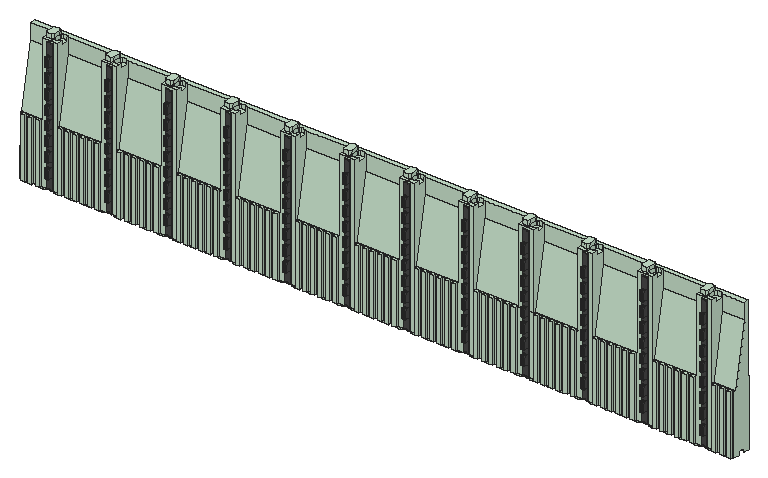
Revit family (continued)
Forms (mm)
  Extrusion 61, solid, material "NUDURA Expanded Polystyrene Foam Insulation"
    sketch origin (0, 0, 0) x (0, 1, 0) y (0, 0, 1)
      loop
        line (142.875, 0) -> (142.875, 457.2) -> (127, 457.2) -> (127, 404.586) -> (88.9, 203.2) -> (82.55, 203.2) -> (82.55, 0) -> (142.875, 0)
    from 0 to 2438.4
  Extrusion 62, solid, material "NUDURA Expanded Polystyrene Foam Insulation"
    sketch origin (0, 0, 0) x (0, 1, 0) y (0, 0, 1)
      loop
        line (127, 457.2) -> (82.55, 457.2) -> (82.55, 203.2) -> (88.9, 203.2) -> (127, 404.586) -> (127, 457.2)
    from 76.2 to 127
  Extrusion 63, solid, material "NUDURA Expanded Polystyrene Foam Insulation"
    sketch origin (0, 0, 0) x (0, 1, 0) y (0, 0, 1)
      loop
        line (127, 457.2) -> (82.55, 457.2) -> (82.55, 203.2) -> (88.9, 203.2) -> (127, 404.586) -> (127, 457.2)
    from 279.4 to 330.2
  Extrusion 64, solid, material "NUDURA Expanded Polystyrene Foam Insulation"
    sketch origin (0, 0, 0) x (0, 1, 0) y (0, 0, 1)
      loop
        line (127, 457.2) -> (82.55, 457.2) -> (82.55, 203.2) -> (88.9, 203.2) -> (127, 404.586) -> (127, 457.2)
    from 482.6 to 533.4
  Extrusion 65, solid, material "NUDURA Expanded Polystyrene Foam Insulation"
    sketch origin (0, 0, 0) x (0, 1, 0) y (0, 0, 1)
      loop
        line (127, 457.2) -> (82.55, 457.2) -> (82.55, 203.2) -> (88.9, 203.2) -> (127, 404.586) -> (127, 457.2)
    from 685.8 to 736.6
  Extrusion 66, solid, material "NUDURA Expanded Polystyrene Foam Insulation"
    sketch origin (0, 0, 0) x (0, 1, 0) y (0, 0, 1)
      loop
        line (127, 457.2) -> (82.55, 457.2) -> (82.55, 203.2) -> (88.9, 203.2) -> (127, 404.586) -> (127, 457.2)
    from 889 to 939.8
  Extrusion 67, solid, material "NUDURA Expanded Polystyrene Foam Insulation"
    sketch origin (0, 0, 0) x (0, 1, 0) y (0, 0, 1)
      loop
        line (127, 457.2) -> (82.55, 457.2) -> (82.55, 203.2) -> (88.9, 203.2) -> (127, 404.586) -> (127, 457.2)
    from 1092.2 to 1143
  Extrusion 68, solid, material "NUDURA Expanded Polystyrene Foam Insulation"
    sketch origin (0, 0, 0) x (0, 1, 0) y (0, 0, 1)
      loop
        line (127, 457.2) -> (82.55, 457.2) -> (82.55, 203.2) -> (88.9, 203.2) -> (127, 404.586) -> (127, 457.2)
    from 1295.4 to 1346.2
  Extrusion 69, solid, material "NUDURA Expanded Polystyrene Foam Insulation"
    sketch origin (0, 0, 0) x (0, 1, 0) y (0, 0, 1)
      loop
        line (127, 457.2) -> (82.55, 457.2) -> (82.55, 203.2) -> (88.9, 203.2) -> (127, 404.586) -> (127, 457.2)
    from 1498.6 to 1549.4
  Extrusion 70, solid, material "NUDURA Expanded Polystyrene Foam Insulation"
    sketch origin (0, 0, 0) x (0, 1, 0) y (0, 0, 1)
      loop
        line (127, 457.2) -> (82.55, 457.2) -> (82.55, 203.2) -> (88.9, 203.2) -> (127, 404.586) -> (127, 457.2)
    from 1701.8 to 1752.6
  Extrusion 71, solid, material "NUDURA Expanded Polystyrene Foam Insulation"
    sketch origin (0, 0, 0) x (0, 1, 0) y (0, 0, 1)
      loop
        line (127, 457.2) -> (82.55, 457.2) -> (82.55, 203.2) -> (88.9, 203.2) -> (127, 404.586) -> (127, 457.2)
    from 1701.8 to 1752.6
  Extrusion 72, solid, material "NUDURA Expanded Polystyrene Foam Insulation"
    sketch origin (0, 0, 0) x (0, 1, 0) y (0, 0, 1)
      loop
        line (127, 457.2) -> (82.55, 457.2) -> (82.55, 203.2) -> (88.9, 203.2) -> (127, 404.586) -> (127, 457.2)
    from 1905 to 1955.8
  Extrusion 73, solid, material "NUDURA Expanded Polystyrene Foam Insulation"
    sketch origin (0, 0, 0) x (0, 1, 0) y (0, 0, 1)
      loop
        line (127, 457.2) -> (82.55, 457.2) -> (82.55, 203.2) -> (88.9, 203.2) -> (127, 404.586) -> (127, 457.2)
    from 2108.2 to 2159
  Extrusion 74, solid, material "NUDURA Expanded Polystyrene Foam Insulation"
    sketch origin (0, 0, 0) x (0, 1, 0) y (0, 0, 1)
      loop
        line (127, 457.2) -> (82.55, 457.2) -> (82.55, 203.2) -> (88.9, 203.2) -> (127, 404.586) -> (127, 457.2)
    from 2311.4 to 2362.2
  Extrusion 75, solid, material "NUDURA Expanded Polystyrene Foam Insulation"
    sketch origin (0, 0, 0) x (1, 0, 0) y (0, 1, 0)
      loop
        line (7.142, 82.55) -> (5.558, 76.2) -> (19.842, 76.2) -> (18.258, 82.55) -> (7.142, 82.55)
      loop
        line (32.542, 82.55) -> (30.958, 76.2) -> (45.242, 76.2) -> (43.658, 82.55) -> (32.542, 82.55)
      loop
        line (57.942, 82.55) -> (56.358, 76.2) -> (70.642, 76.2) -> (69.058, 82.55) -> (57.942, 82.55)
      loop
        line (134.142, 82.55) -> (132.558, 76.2) -> (146.842, 76.2) -> (145.258, 82.55) -> (134.142, 82.55)
      loop
        line (159.542, 82.55) -> (157.958, 76.2) -> (172.242, 76.2) -> (170.658, 82.55) -> (159.542, 82.55)
      loop
        line (184.942, 82.55) -> (183.358, 76.2) -> (197.642, 76.2) -> (196.058, 82.55) -> (184.942, 82.55)
      loop
        line (210.342, 82.55) -> (208.758, 76.2) -> (223.042, 76.2) -> (221.458, 82.55) -> (210.342, 82.55)
      loop
        line (235.742, 82.55) -> (234.158, 76.2) -> (248.442, 76.2) -> (246.858, 82.55) -> (235.742, 82.55)
      loop
        line (261.142, 82.55) -> (259.558, 76.2) -> (273.842, 76.2) -> (272.258, 82.55) -> (261.142, 82.55)
      loop
        line (337.342, 82.55) -> (335.758, 76.2) -> (350.042, 76.2) -> (348.458, 82.55) -> (337.342, 82.55)
      loop
        line (362.742, 82.55) -> (361.158, 76.2) -> (375.442, 76.2) -> (373.858, 82.55) -> (362.742, 82.55)
      loop
        line (388.142, 82.55) -> (386.558, 76.2) -> (400.842, 76.2) -> (399.258, 82.55) -> (388.142, 82.55)
      loop
        line (413.542, 82.55) -> (411.958, 76.2) -> (426.242, 76.2) -> (424.658, 82.55) -> (413.542, 82.55)
      loop
        line (438.942, 82.55) -> (437.358, 76.2) -> (451.642, 76.2) -> (450.058, 82.55) -> (438.942, 82.55)
      loop
        line (464.342, 82.55) -> (462.758, 76.2) -> (477.042, 76.2) -> (475.458, 82.55) -> (464.342, 82.55)
      loop
        line (540.542, 82.55) -> (538.958, 76.2) -> (553.242, 76.2) -> (551.658, 82.55) -> (540.542, 82.55)
      loop
        line (565.942, 82.55) -> (564.358, 76.2) -> (578.642, 76.2) -> (577.058, 82.55) -> (565.942, 82.55)
      loop
        line (591.342, 82.55) -> (589.758, 76.2) -> (604.042, 76.2) -> (602.458, 82.55) -> (591.342, 82.55)
      loop
        line (616.742, 82.55) -> (615.158, 76.2) -> (629.442, 76.2) -> (627.858, 82.55) -> (616.742, 82.55)
      loop
        line (642.142, 82.55) -> (640.558, 76.2) -> (654.842, 76.2) -> (653.258, 82.55) -> (642.142, 82.55)
      loop
        line (667.542, 82.55) -> (665.958, 76.2) -> (680.242, 76.2) -> (678.658, 82.55) -> (667.542, 82.55)
      loop
        line (743.742, 82.55) -> (742.158, 76.2) -> (756.442, 76.2) -> (754.858, 82.55) -> (743.742, 82.55)
      loop
        line (769.142, 82.55) -> (767.558, 76.2) -> (781.842, 76.2) -> (780.258, 82.55) -> (769.142, 82.55)
      loop
        line (794.542, 82.55) -> (792.958, 76.2) -> (807.242, 76.2) -> (805.658, 82.55) -> (794.542, 82.55)
      loop
        line (819.942, 82.55) -> (818.358, 76.2) -> (832.642, 76.2) -> (831.058, 82.55) -> (819.942, 82.55)
      loop
        line (845.342, 82.55) -> (843.758, 76.2) -> (858.042, 76.2) -> (856.458, 82.55) -> (845.342, 82.55)
      loop
        line (870.742, 82.55) -> (869.158, 76.2) -> (883.442, 76.2) -> (881.858, 82.55) -> (870.742, 82.55)
      loop
        line (946.942, 82.55) -> (945.358, 76.2) -> (959.642, 76.2) -> (958.058, 82.55) -> (946.942, 82.55)
      loop
        line (972.342, 82.55) -> (970.758, 76.2) -> (985.042, 76.2) -> (983.458, 82.55) -> (972.342, 82.55)
      loop
        line (997.742, 82.55) -> (996.158, 76.2) -> (1010.442, 76.2) -> (1008.858, 82.55) -> (997.742, 82.55)
      loop
        line (1023.142, 82.55) -> (1021.558, 76.2) -> (1035.842, 76.2) -> (1034.258, 82.55) -> (1023.142, 82.55)
      loop
        line (1048.542, 82.55) -> (1046.958, 76.2) -> (1061.242, 76.2) -> (1059.658, 82.55) -> (1048.542, 82.55)
      loop
        line (1073.942, 82.55) -> (1072.358, 76.2) -> (1086.642, 76.2) -> (1085.058, 82.55) -> (1073.942, 82.55)
      loop
        line (1150.142, 82.55) -> (1148.558, 76.2) -> (1162.842, 76.2) -> (1161.258, 82.55) -> (1150.142, 82.55)
      loop
        line (1175.542, 82.55) -> (1173.958, 76.2) -> (1188.242, 76.2) -> (1186.658, 82.55) -> (1175.542, 82.55)
      loop
        line (1200.942, 82.55) -> (1199.358, 76.2) -> (1213.642, 76.2) -> (1212.058, 82.55) -> (1200.942, 82.55)
      loop
        line (1226.342, 82.55) -> (1224.758, 76.2) -> (1239.042, 76.2) -> (1237.458, 82.55) -> (1226.342, 82.55)
      loop
        line (1251.742, 82.55) -> (1250.158, 76.2) -> (1264.442, 76.2) -> (1262.858, 82.55) -> (1251.742, 82.55)
      loop
        line (1277.142, 82.55) -> (1275.558, 76.2) -> (1289.842, 76.2) -> (1288.258, 82.55) -> (1277.142, 82.55)
      loop
        line (1353.342, 82.55) -> (1351.758, 76.2) -> (1366.042, 76.2) -> (1364.458, 82.55) -> (1353.342, 82.55)
      loop
        line (1378.742, 82.55) -> (1377.158, 76.2) -> (1391.442, 76.2) -> (1389.858, 82.55) -> (1378.742, 82.55)
      loop
        line (1404.142, 82.55) -> (1402.558, 76.2) -> (1416.842, 76.2) -> (1415.258, 82.55) -> (1404.142, 82.55)
      loop
        line (1429.542, 82.55) -> (1427.958, 76.2) -> (1442.242, 76.2) -> (1440.658, 82.55) -> (1429.542, 82.55)
      loop
        line (1454.942, 82.55) -> (1453.358, 76.2) -> (1467.642, 76.2) -> (1466.058, 82.55) -> (1454.942, 82.55)
      loop
        line (1480.342, 82.55) -> (1478.758, 76.2) -> (1493.042, 76.2) -> (1491.458, 82.55) -> (1480.342, 82.55)
      loop
        line (1556.542, 82.55) -> (1554.958, 76.2) -> (1569.242, 76.2) -> (1567.658, 82.55) -> (1556.542, 82.55)
      loop
        line (1581.942, 82.55) -> (1580.358, 76.2) -> (1594.642, 76.2) -> (1593.058, 82.55) -> (1581.942, 82.55)
      loop
        line (1607.342, 82.55) -> (1605.758, 76.2) -> (1620.042, 76.2) -> (1618.458, 82.55) -> (1607.342, 82.55)
      loop
        line (1632.742, 82.55) -> (1631.158, 76.2) -> (1645.442, 76.2) -> (1643.858, 82.55) -> (1632.742, 82.55)
      loop
        line (1658.142, 82.55) -> (1656.558, 76.2) -> (1670.842, 76.2) -> (1669.258, 82.55) -> (1658.142, 82.55)
      loop
        line (1683.542, 82.55) -> (1681.958, 76.2) -> (1696.242, 76.2) -> (1694.658, 82.55) -> (1683.542, 82.55)
      loop
        line (1759.742, 82.55) -> (1758.158, 76.2) -> (1772.442, 76.2) -> (1770.858, 82.55) -> (1759.742, 82.55)
      loop
        line (1785.142, 82.55) -> (1783.558, 76.2) -> (1797.842, 76.2) -> (1796.258, 82.55) -> (1785.142, 82.55)
      loop
        line (1810.542, 82.55) -> (1808.958, 76.2) -> (1823.242, 76.2) -> (1821.658, 82.55) -> (1810.542, 82.55)
      loop
        line (1835.942, 82.55) -> (1834.358, 76.2) -> (1848.642, 76.2) -> (1847.058, 82.55) -> (1835.942, 82.55)
      loop
        line (1861.342, 82.55) -> (1859.758, 76.2) -> (1874.042, 76.2) -> (1872.458, 82.55) -> (1861.342, 82.55)
      loop
        line (1886.742, 82.55) -> (1885.158, 76.2) -> (1899.442, 76.2) -> (1897.858, 82.55) -> (1886.742, 82.55)
      loop
        line (1962.942, 82.55) -> (1961.358, 76.2) -> (1975.642, 76.2) -> (1974.058, 82.55) -> (1962.942, 82.55)
      loop
        line (1988.342, 82.55) -> (1986.758, 76.2) -> (2001.042, 76.2) -> (1999.458, 82.55) -> (1988.342, 82.55)
      loop
        line (2013.742, 82.55) -> (2012.158, 76.2) -> (2026.442, 76.2) -> (2024.858, 82.55) -> (2013.742, 82.55)
      loop
        line (2039.142, 82.55) -> (2037.558, 76.2) -> (2051.842, 76.2) -> (2050.258, 82.55) -> (2039.142, 82.55)
      loop
        line (2064.542, 82.55) -> (2062.958, 76.2) -> (2077.242, 76.2) -> (2075.658, 82.55) -> (2064.542, 82.55)
      loop
        line (2089.942, 82.55) -> (2088.358, 76.2) -> (2102.642, 76.2) -> (2101.058, 82.55) -> (2089.942, 82.55)
      loop
        line (2166.142, 82.55) -> (2164.558, 76.2) -> (2178.842, 76.2) -> (2177.258, 82.55) -> (2166.142, 82.55)
      loop
        line (2191.542, 82.55) -> (2189.958, 76.2) -> (2204.242, 76.2) -> (2202.658, 82.55) -> (2191.542, 82.55)
      loop
        line (2216.942, 82.55) -> (2215.358, 76.2) -> (2229.642, 76.2) -> (2228.058, 82.55) -> (2216.942, 82.55)
      loop
        line (2242.342, 82.55) -> (2240.758, 76.2) -> (2255.042, 76.2) -> (2253.458, 82.55) -> (2242.342, 82.55)
      loop
        line (2267.742, 82.55) -> (2266.158, 76.2) -> (2280.442, 76.2) -> (2278.858, 82.55) -> (2267.742, 82.55)
      loop
        line (2293.142, 82.55) -> (2291.558, 76.2) -> (2305.842, 76.2) -> (2304.258, 82.55) -> (2293.142, 82.55)
      loop
        line (2369.342, 82.55) -> (2367.758, 76.2) -> (2382.042, 76.2) -> (2380.458, 82.55) -> (2369.342, 82.55)
      loop
        line (2394.742, 82.55) -> (2393.158, 76.2) -> (2407.442, 76.2) -> (2405.858, 82.55) -> (2394.742, 82.55)
      loop
        line (2420.142, 82.55) -> (2418.558, 76.2) -> (2432.842, 76.2) -> (2431.258, 82.55) -> (2420.142, 82.55)
    from 0 to 203.2
Cuts and joins
  Extrusion 1, Extrusion 2, Extrusion 3, Extrusion 4, Extrusion 5, Extrusion 6, Extrusion 7, Extrusion 8, Extrusion 9, Extrusion 10, Extrusion 11, Extrusion 12, Extrusion 13, Extrusion 14, Extrusion 15, Extrusion 16, Extrusion 17, Extrusion 18, Extrusion 19, Extrusion 20, Extrusion 21, Extrusion 22, Extrusion 23, Extrusion 24, Extrusion 25, Extrusion 26, Extrusion 27, Extrusion 28, Extrusion 29, Extrusion 30, Extrusion 31, Extrusion 32, Extrusion 33, Extrusion 34, Extrusion 35, Extrusion 36, Extrusion 37, Extrusion 38, Extrusion 39, Extrusion 40, Extrusion 41, Extrusion 42, Extrusion 43, Extrusion 44, Extrusion 45, Extrusion 46, Extrusion 47, Extrusion 48, Extrusion 49, Extrusion 50, Extrusion 51, Extrusion 52, Extrusion 53, Extrusion 54, Extrusion 55, Extrusion 56, Extrusion 57, Extrusion 58, Extrusion 59, Extrusion 60 cuts Extrusion 61
  Extrusion 12 cuts Extrusion 62
  Extrusion 11 cuts Extrusion 63
  Extrusion 10 cuts Extrusion 64
  Extrusion 9 cuts Extrusion 65
  Extrusion 8 cuts Extrusion 66
  Extrusion 7 cuts Extrusion 67
  Extrusion 6 cuts Extrusion 68
  Extrusion 5 cuts Extrusion 69
  Extrusion 4 cuts Extrusion 71
  Extrusion 3 cuts Extrusion 72
  Extrusion 2 cuts Extrusion 73
  Extrusion 1 cuts Extrusion 74
  joined: Extrusion 61, Extrusion 62, Extrusion 63, Extrusion 64, Extrusion 65, Extrusion 66, Extrusion 67, Extrusion 68, Extrusion 69, Extrusion 71, Extrusion 72, Extrusion 73, Extrusion 74, Extrusion 75
  Extrusion 4 cuts Extrusion 70
Lines and regions (mm)
  model lines
    curve 1: line (2235.2, 142.875, 457.2) -> (2235.2, 142.875, 0)
    curve 2: line (1625.6, 142.875, 457.2) -> (1625.6, 142.875, 0)
    curve 3: line (1016, 142.875, 457.2) -> (1016, 142.875, 0)
    curve 4: line (406.4, 142.875, 457.2) -> (406.4, 142.875, 0)
Dimensions and locks
  aligned and locked: level to plane 2
Nested families
  nested 1: "NUDURA Diamond Pattern" at (0, 0, 0), type "NUDURA Diamond Pattern"
  nested 2: "NUDURA Diamond Pattern" at (406.4, 0, 0), type "NUDURA Diamond Pattern"
  nested 3: "NUDURA Diamond Pattern" at (609.6, 0, 0), type "NUDURA Diamond Pattern"
  nested 4: "NUDURA Diamond Pattern" at (1016, 0, 0), type "NUDURA Diamond Pattern"
  nested 5: "NUDURA Diamond Pattern" at (1219.2, 0, 0), type "NUDURA Diamond Pattern"
  nested 6: "NUDURA Diamond Pattern" at (1625.6, 0, 0), type "NUDURA Diamond Pattern"
  nested 7: "NUDURA Diamond Pattern" at (1828.8, 0, 0), type "NUDURA Diamond Pattern"
  nested 8: "NUDURA Diamond Pattern" at (2235.2, 0, 0), type "NUDURA Diamond Pattern"
  nested 9: "Interlock Tooth" at (76.2, 225.425, 0), type "Interlock Tooth"
  nested 10: "Interlock Tooth" at (279.4, 225.425, 0), type "Interlock Tooth"
  nested 11: "Interlock Tooth" at (482.6, 225.425, 0), type "Interlock Tooth"
  nested 12: "Interlock Tooth" at (685.8, 225.425, 0), type "Interlock Tooth"
  nested 13: "Interlock Tooth" at (889, 225.425, 0), type "Interlock Tooth"
  nested 14: "Interlock Tooth" at (1092.2, 225.425, 0), type "Interlock Tooth"
  nested 15: "Interlock Tooth" at (1295.4, 225.425, 0), type "Interlock Tooth"
  nested 16: "Interlock Tooth" at (1498.6, 225.425, 0), type "Interlock Tooth"
  nested 17: "Interlock Tooth" at (1701.8, 225.425, 0), type "Interlock Tooth"
  nested 18: "Interlock Tooth" at (1905, 225.425, 0), type "Interlock Tooth"
  nested 19: "Interlock Tooth" at (2108.2, 225.425, 0), type "Interlock Tooth"
  nested 20: "Interlock Tooth" at (2311.4, 225.425, 0), type "Interlock Tooth"
  nested 21: "Interlock Tooth" at (0, 0, -469.9), type "Interlock Tooth"
  nested 22: "Interlock Tooth" at (50.8, 0, -469.9), type "Interlock Tooth"
  nested 23: "Interlock Tooth" at (101.6, 0, -469.9), type "Interlock Tooth"
  nested 24: "Interlock Tooth" at (152.4, 0, -469.9), type "Interlock Tooth"
  nested 25: "Interlock Tooth" at (203.2, 0, -469.9), type "Interlock Tooth"
  nested 26: "Interlock Tooth" at (254, 0, -469.9), type "Interlock Tooth"
  nested 27: "Interlock Tooth" at (304.8, 0, -469.9), type "Interlock Tooth"
  nested 28: "Interlock Tooth" at (355.6, 0, -469.9), type "Interlock Tooth"
  nested 29: "Interlock Tooth" at (406.4, 0, -469.9), type "Interlock Tooth"
  nested 30: "Interlock Tooth" at (457.2, 0, -469.9), type "Interlock Tooth"
  nested 31: "Interlock Tooth" at (508, 0, -469.9), type "Interlock Tooth"
  nested 32: "Interlock Tooth" at (558.8, 0, -469.9), type "Interlock Tooth"
  nested 33: "Interlock Tooth" at (609.6, 0, -469.9), type "Interlock Tooth"
  nested 34: "Interlock Tooth" at (660.4, 0, -469.9), type "Interlock Tooth"
  nested 35: "Interlock Tooth" at (711.2, 0, -469.9), type "Interlock Tooth"
  nested 36: "Interlock Tooth" at (762, 0, -469.9), type "Interlock Tooth"
  nested 37: "Interlock Tooth" at (812.8, 0, -469.9), type "Interlock Tooth"
  nested 38: "Interlock Tooth" at (863.6, 0, -469.9), type "Interlock Tooth"
  nested 39: "Interlock Tooth" at (914.4, 0, -469.9), type "Interlock Tooth"
  nested 40: "Interlock Tooth" at (965.2, 0, -469.9), type "Interlock Tooth"
  nested 41: "Interlock Tooth" at (1016, 0, -469.9), type "Interlock Tooth"
  nested 42: "Interlock Tooth" at (1066.8, 0, -469.9), type "Interlock Tooth"
  nested 43: "Interlock Tooth" at (1117.6, 0, -469.9), type "Interlock Tooth"
  nested 44: "Interlock Tooth" at (1168.4, 0, -469.9), type "Interlock Tooth"
  nested 45: "Interlock Tooth" at (1219.2, 0, -469.9), type "Interlock Tooth"
  nested 46: "Interlock Tooth" at (1270, 0, -469.9), type "Interlock Tooth"
  nested 47: "Interlock Tooth" at (1320.8, 0, -469.9), type "Interlock Tooth"
  nested 48: "Interlock Tooth" at (1371.6, 0, -469.9), type "Interlock Tooth"
  nested 49: "Interlock Tooth" at (1422.4, 0, -469.9), type "Interlock Tooth"
  nested 50: "Interlock Tooth" at (1473.2, 0, -469.9), type "Interlock Tooth"
  nested 51: "Interlock Tooth" at (1524, 0, -469.9), type "Interlock Tooth"
  nested 52: "Interlock Tooth" at (1574.8, 0, -469.9), type "Interlock Tooth"
  nested 53: "Interlock Tooth" at (1625.6, 0, -469.9), type "Interlock Tooth"
  nested 54: "Interlock Tooth" at (1676.4, 0, -469.9), type "Interlock Tooth"
  nested 55: "Interlock Tooth" at (1727.2, 0, -469.9), type "Interlock Tooth"
  nested 56: "Interlock Tooth" at (1778, 0, -469.9), type "Interlock Tooth"
  nested 57: "Interlock Tooth" at (1828.8, 0, -469.9), type "Interlock Tooth"
  nested 58: "Interlock Tooth" at (1879.6, 0, -469.9), type "Interlock Tooth"
  nested 59: "Interlock Tooth" at (1930.4, 0, -469.9), type "Interlock Tooth"
  nested 60: "Interlock Tooth" at (1981.2, 0, -469.9), type "Interlock Tooth"
  nested 61: "Interlock Tooth" at (2032, 0, -469.9), type "Interlock Tooth"
  nested 62: "Interlock Tooth" at (2082.8, 0, -469.9), type "Interlock Tooth"
  nested 63: "Interlock Tooth" at (2133.6, 0, -469.9), type "Interlock Tooth"
  nested 64: "Interlock Tooth" at (2184.4, 0, -469.9), type "Interlock Tooth"
  nested 65: "Interlock Tooth" at (2235.2, 0, -469.9), type "Interlock Tooth"
  nested 66: "Interlock Tooth" at (2286, 0, -469.9), type "Interlock Tooth"
  nested 67: "Interlock Tooth" at (2336.8, 0, -469.9), type "Interlock Tooth"
  nested 68: "Interlock Tooth" at (2387.6, 0, -469.9), type "Interlock Tooth"
  nested 69: "NUDURA Logo Diamond" at (2438.335, 142.875, 0) x (-1, 0, 0) z (0, 0, 1), type "NUDURA Logo Diamond"
  nested 70: "NUDURA Logo Diamond" at (1828.735, 142.875, 0) x (-1, 0, 0) z (0, 0, 1), type "NUDURA Logo Diamond"
  nested 71: "NUDURA Logo Diamond" at (1219.135, 142.875, 0) x (-1, 0, 0) z (0, 0, 1), type "NUDURA Logo Diamond"
  nested 72: "NUDURA Logo Diamond" at (609.535, 142.875, 0) x (-1, 0, 0) z (0, 0, 1), type "NUDURA Logo Diamond"
  nested 73: "Capture Lugs" at (2336.8, 0, 0) x (-1, 0, 0) z (0, 0, 1), type "Capture Lugs"
  nested 74: "Capture Lugs" at (2133.6, 0, 0) x (-1, 0, 0) z (0, 0, 1), type "Capture Lugs"
  nested 75: "Capture Lugs" at (1930.4, 0, 0) x (-1, 0, 0) z (0, 0, 1), type "Capture Lugs"
  nested 76: "Capture Lugs" at (1727.2, 0, 0) x (-1, 0, 0) z (0, 0, 1), type "Capture Lugs"
  nested 77: "Capture Lugs" at (1524, 0, 0) x (-1, 0, 0) z (0, 0, 1), type "Capture Lugs"
  nested 78: "Capture Lugs" at (1320.8, 0, 0) x (-1, 0, 0) z (0, 0, 1), type "Capture Lugs"
  nested 79: "Capture Lugs" at (1117.6, 0, 0) x (-1, 0, 0) z (0, 0, 1), type "Capture Lugs"
  nested 80: "Capture Lugs" at (914.4, 0, 0) x (-1, 0, 0) z (0, 0, 1), type "Capture Lugs"
  nested 81: "Capture Lugs" at (711.2, 0, 0) x (-1, 0, 0) z (0, 0, 1), type "Capture Lugs"
  nested 82: "Capture Lugs" at (508, 0, 0) x (-1, 0, 0) z (0, 0, 1), type "Capture Lugs"
  nested 83: "Capture Lugs" at (304.8, 0, 0) x (-1, 0, 0) z (0, 0, 1), type "Capture Lugs"
  nested 84: "Capture Lugs" at (101.6, 0, 0) x (-1, 0, 0) z (0, 0, 1), type "Capture Lugs"
Definition of nested family "Interlock Tooth"
  Reference planes
    plane 1 "Center (Front/Back)": y = 0
    plane 2: z = 0
    plane 3 "Center (Left/Right)": x = 0
    plane 4: z = 457.2
    plane 5: z = 469.9
    plane 6: z = -12.7
  Forms (mm)
    Extrusion 1, solid, material "NUDURA Expanded Polystyrene Foam Insulation"
      sketch origin (0, -225.425, 0) x (1, 0, 0) y (0, 1, 0)
        loop
          arc (0, 101.014) -> (1.215, 97.278) -> (4.396, 94.972) r 6.35
          arc (4.396, 94.972) -> (12.7, 93.663) -> (21.004, 94.972) r 26.988
          arc (21.004, 94.972) -> (24.185, 97.278) -> (25.4, 101.014) r 6.35
          line (25.4, 101.014) -> (25.4, 124.411)
          arc (25.4, 124.411) -> (24.185, 128.147) -> (21.004, 130.453) r 6.35
          arc (21.004, 130.453) -> (12.7, 131.763) -> (4.396, 130.453) r 26.987
          arc (4.396, 130.453) -> (1.215, 128.147) -> (0, 124.411) r 6.35
          line (0, 124.411) -> (0, 101.014)
      from 457.2 to 469.9
  Dimensions and locks
    locked: plane 4 to level at 457.2
    locked: plane 4 to plane 5 at 12.7
    locked: plane 6 to level at 12.7
Definition of nested family "Capture Lugs"
  Reference planes
    plane 1 "Center (Front/Back)": y = 0
    plane 2: z = 0
    plane 3 "Center (Left/Right)": x = 0
  Forms (mm)
    Extrusion 1, solid, material "High Density Polystyrene"
      sketch origin (0, 0, 0) x (0, 1, 0) y (0, 0, 1)
        loop
          arc (-82.55, 0) -> (-81.817, 0.502) -> (-81.534, 1.344) r 1.397
          line (-81.534, 1.344) -> (-81.534, 449.4)
          arc (-81.534, 449.4) -> (-81.817, 450.243) -> (-82.55, 450.744) r 1.397
          line (-82.55, 450.744) -> (-82.55, 0)
      from 9.227 to -9.227
    Extrusion 2, solid, material "High Density Polystyrene"
      sketch origin (0, 0, 0) x (0, 1, 0) y (0, 0, 1)
        loop
          line (-81.534, 410.919) -> (-81.534, 380.439) -> (-68.834, 380.439) -> (-68.834, 410.919) -> (-81.534, 410.919)
        loop
          line (-81.534, 361.389) -> (-81.534, 330.909) -> (-68.834, 330.909) -> (-68.834, 361.389) -> (-81.534, 361.389)
        loop
          line (-81.534, 311.859) -> (-81.534, 281.379) -> (-68.834, 281.379) -> (-68.834, 311.859) -> (-81.534, 311.859)
        loop
          line (-81.534, 262.329) -> (-81.534, 234.897) -> (-68.834, 234.897) -> (-68.834, 262.329) -> (-81.534, 262.329)
        loop
          line (-81.534, 215.847) -> (-81.534, 188.415) -> (-68.834, 188.415) -> (-68.834, 215.847) -> (-81.534, 215.847)
        loop
          line (-81.534, 169.365) -> (-81.534, 138.885) -> (-68.834, 138.885) -> (-68.834, 169.365) -> (-81.534, 169.365)
        loop
          line (-81.534, 119.835) -> (-81.534, 89.355) -> (-68.834, 89.355) -> (-68.834, 119.835) -> (-81.534, 119.835)
        loop
          line (-81.534, 70.305) -> (-81.534, 39.825) -> (-68.834, 39.825) -> (-68.834, 70.305) -> (-81.534, 70.305)
      from 6.35 to -6.35
    Extrusion 3, void
      sketch origin (0, 0, 0) x (1, 0, 0) y (0, 1, 0)
        loop
          arc (-6.35, -70.929) -> (-5.736, -69.448) -> (-4.255, -68.834) r 2.095
          line (-4.255, -68.834) -> (-6.35, -68.834) -> (-6.35, -70.929)
      from 0 to 457.2
    Extrusion 4, void
      sketch origin (0, 0, 0) x (-1, 0, 0) y (0, -1, 0)
        loop
          line (-6.35, 70.929) -> (-6.35, 68.834) -> (-4.255, 68.834)
          arc (-4.255, 68.834) -> (-5.736, 69.448) -> (-6.35, 70.929) r 2.095
      from 0 to 457.2
    Extrusion 5, void
      sketch origin (0, 0, 0) x (1, 0, 0) y (0, 1, 0)
        loop
          arc (-1.191, -72.009) -> (0, -78.127) -> (1.191, -72.009) r 3.175
          line (1.191, -72.009) -> (1.191, -68.834) -> (-1.191, -68.834) -> (-1.191, -72.009)
      from 0 to 457.2
  Cuts and joins
    Extrusion 3, Extrusion 4 cuts Extrusion 1
    Extrusion 3, Extrusion 4, Extrusion 5 cuts Extrusion 2
Definition of nested family "NUDURA Diamond Pattern"
  Reference planes
    plane 1 "Center (Front/Back)": y = 0
    plane 2: z = 0
    plane 3 "Center (Left/Right)": x = 0
    plane 4: z = 457.2
  Lines and regions (mm)
    model lines
      curve 1: line (203.2, -142.875, 457.2) -> (203.2, -142.875, 0)
      curve 2: line (152.4, -142.875, 457.2) -> (152.4, -142.875, 0)
      curve 3: line (50.8, -142.875, 457.2) -> (50.8, -142.875, 0)
      curve 4: line (85.183, -142.875, 431.415) -> (93.906, -142.875, 422.692)
      curve 5: arc (85.183, -142.875, 444.885) -> (82.394, -142.875, 438.15) -> (85.183, -142.875, 431.415) r 9.525
      curve 6: line (94.708, -142.875, 454.41) -> (85.183, -142.875, 444.885)
      curve 7: arc (108.179, -142.875, 454.41) -> (101.444, -142.875, 457.2) -> (94.708, -142.875, 454.41) r 9.525
      curve 8: line (117.704, -142.875, 444.885) -> (108.179, -142.875, 454.41)
      curve 9: arc (117.704, -142.875, 431.415) -> (120.494, -142.875, 438.15) -> (117.704, -142.875, 444.885) r 9.525
      curve 10: line (108.981, -142.875, 422.692) -> (117.704, -142.875, 431.415)
      curve 11: arc (105.934, -142.875, 452.165) -> (101.444, -142.875, 454.025) -> (96.953, -142.875, 452.165) r 6.35
      curve 12: line (115.459, -142.875, 442.64) -> (105.934, -142.875, 452.165)
      curve 13: arc (115.459, -142.875, 433.66) -> (117.319, -142.875, 438.15) -> (115.459, -142.875, 442.64) r 6.35
      curve 14: line (105.934, -142.875, 424.135) -> (115.459, -142.875, 433.66)
      curve 15: arc (96.953, -142.875, 424.135) -> (101.444, -142.875, 422.275) -> (105.934, -142.875, 424.135) r 6.35
      curve 16: line (87.428, -142.875, 433.66) -> (96.953, -142.875, 424.135)
      curve 17: arc (87.428, -142.875, 442.64) -> (85.569, -142.875, 438.15) -> (87.428, -142.875, 433.66) r 6.35
      curve 18: line (96.953, -142.875, 452.165) -> (87.428, -142.875, 442.64)
      curve 19: arc (93.906, -142.875, 415.508) -> (95.394, -142.875, 419.1) -> (93.906, -142.875, 422.692) r 5.08
      curve 20: line (117.704, -142.875, 406.785) -> (108.981, -142.875, 415.508)
      curve 21: arc (117.704, -142.875, 393.315) -> (120.494, -142.875, 400.05) -> (117.704, -142.875, 406.785) r 9.525
      curve 22: line (108.981, -142.875, 384.592) -> (117.704, -142.875, 393.315)
      curve 23: line (85.183, -142.875, 393.315) -> (93.906, -142.875, 384.592)
      curve 24: arc (85.183, -142.875, 406.785) -> (82.394, -142.875, 400.05) -> (85.183, -142.875, 393.315) r 9.525
      curve 25: line (93.906, -142.875, 415.508) -> (85.183, -142.875, 406.785)
      curve 26: arc (105.934, -142.875, 414.065) -> (101.444, -142.875, 415.925) -> (96.953, -142.875, 414.065) r 6.35
      curve 27: line (96.953, -142.875, 414.065) -> (87.428, -142.875, 404.54)
      curve 28: arc (87.428, -142.875, 404.54) -> (85.569, -142.875, 400.05) -> (87.428, -142.875, 395.56) r 6.35
      curve 29: line (87.428, -142.875, 395.56) -> (96.953, -142.875, 386.035)
      curve 30: arc (96.953, -142.875, 386.035) -> (101.444, -142.875, 384.175) -> (105.934, -142.875, 386.035) r 6.35
      curve 31: line (105.934, -142.875, 386.035) -> (115.459, -142.875, 395.56)
      curve 32: arc (115.459, -142.875, 395.56) -> (117.319, -142.875, 400.05) -> (115.459, -142.875, 404.54) r 6.35
      curve 33: line (115.459, -142.875, 404.54) -> (105.934, -142.875, 414.065)
      curve 34: arc (93.906, -142.875, 377.408) -> (95.394, -142.875, 381) -> (93.906, -142.875, 384.592) r 5.08
      curve 35: line (117.704, -142.875, 368.685) -> (108.981, -142.875, 377.408)
      curve 36: arc (117.704, -142.875, 355.215) -> (120.494, -142.875, 361.95) -> (117.704, -142.875, 368.685) r 9.525
      curve 37: line (108.981, -142.875, 346.492) -> (117.704, -142.875, 355.215)
      curve 38: line (85.183, -142.875, 355.215) -> (93.906, -142.875, 346.492)
      curve 39: arc (85.183, -142.875, 368.685) -> (82.394, -142.875, 361.95) -> (85.183, -142.875, 355.215) r 9.525
      curve 40: line (93.906, -142.875, 377.408) -> (85.183, -142.875, 368.685)
      curve 41: arc (105.934, -142.875, 375.965) -> (101.444, -142.875, 377.825) -> (96.953, -142.875, 375.965) r 6.35
      curve 42: line (96.953, -142.875, 375.965) -> (87.428, -142.875, 366.44)
      curve 43: arc (87.428, -142.875, 366.44) -> (85.569, -142.875, 361.95) -> (87.428, -142.875, 357.46) r 6.35
      curve 44: line (87.428, -142.875, 357.46) -> (96.953, -142.875, 347.935)
      curve 45: arc (96.953, -142.875, 347.935) -> (101.444, -142.875, 346.075) -> (105.934, -142.875, 347.935) r 6.35
      curve 46: line (105.934, -142.875, 347.935) -> (115.459, -142.875, 357.46)
      curve 47: arc (115.459, -142.875, 357.46) -> (117.319, -142.875, 361.95) -> (115.459, -142.875, 366.44) r 6.35
      curve 48: line (115.459, -142.875, 366.44) -> (105.934, -142.875, 375.965)
      curve 49: arc (93.906, -142.875, 339.308) -> (95.394, -142.875, 342.9) -> (93.906, -142.875, 346.492) r 5.08
      curve 50: line (117.704, -142.875, 330.585) -> (108.981, -142.875, 339.308)
      curve 51: arc (117.704, -142.875, 317.115) -> (120.494, -142.875, 323.85) -> (117.704, -142.875, 330.585) r 9.525
      curve 52: line (108.981, -142.875, 308.392) -> (117.704, -142.875, 317.115)
      curve 53: line (85.183, -142.875, 317.115) -> (93.906, -142.875, 308.392)
      curve 54: arc (85.183, -142.875, 330.585) -> (82.394, -142.875, 323.85) -> (85.183, -142.875, 317.115) r 9.525
      curve 55: line (93.906, -142.875, 339.308) -> (85.183, -142.875, 330.585)
      curve 56: arc (105.934, -142.875, 337.865) -> (101.444, -142.875, 339.725) -> (96.953, -142.875, 337.865) r 6.35
      curve 57: line (96.953, -142.875, 337.865) -> (87.428, -142.875, 328.34)
      curve 58: arc (87.428, -142.875, 328.34) -> (85.569, -142.875, 323.85) -> (87.428, -142.875, 319.36) r 6.35
      curve 59: line (87.428, -142.875, 319.36) -> (96.953, -142.875, 309.835)
      curve 60: arc (96.953, -142.875, 309.835) -> (101.444, -142.875, 307.975) -> (105.934, -142.875, 309.835) r 6.35
      curve 61: line (105.934, -142.875, 309.835) -> (115.459, -142.875, 319.36)
      curve 62: arc (115.459, -142.875, 319.36) -> (117.319, -142.875, 323.85) -> (115.459, -142.875, 328.34) r 6.35
      curve 63: line (115.459, -142.875, 328.34) -> (105.934, -142.875, 337.865)
      curve 64: arc (93.906, -142.875, 301.208) -> (95.394, -142.875, 304.8) -> (93.906, -142.875, 308.392) r 5.08
      curve 65: line (117.704, -142.875, 292.485) -> (108.981, -142.875, 301.208)
      curve 66: arc (117.704, -142.875, 279.015) -> (120.494, -142.875, 285.75) -> (117.704, -142.875, 292.485) r 9.525
      curve 67: line (108.981, -142.875, 270.292) -> (117.704, -142.875, 279.015)
      curve 68: line (85.183, -142.875, 279.015) -> (93.906, -142.875, 270.292)
      curve 69: arc (85.183, -142.875, 292.485) -> (82.394, -142.875, 285.75) -> (85.183, -142.875, 279.015) r 9.525
      curve 70: line (93.906, -142.875, 301.208) -> (85.183, -142.875, 292.485)
      curve 71: arc (105.934, -142.875, 299.765) -> (101.444, -142.875, 301.625) -> (96.953, -142.875, 299.765) r 6.35
      curve 72: line (96.953, -142.875, 299.765) -> (87.428, -142.875, 290.24)
      curve 73: arc (87.428, -142.875, 290.24) -> (85.569, -142.875, 285.75) -> (87.428, -142.875, 281.26) r 6.35
      curve 74: line (87.428, -142.875, 281.26) -> (96.953, -142.875, 271.735)
      curve 75: arc (96.953, -142.875, 271.735) -> (101.444, -142.875, 269.875) -> (105.934, -142.875, 271.735) r 6.35
      curve 76: line (105.934, -142.875, 271.735) -> (115.459, -142.875, 281.26)
      curve 77: arc (115.459, -142.875, 281.26) -> (117.319, -142.875, 285.75) -> (115.459, -142.875, 290.24) r 6.35
      curve 78: line (115.459, -142.875, 290.24) -> (105.934, -142.875, 299.765)
      curve 79: arc (93.906, -142.875, 263.108) -> (95.394, -142.875, 266.7) -> (93.906, -142.875, 270.292) r 5.08
      curve 80: line (117.704, -142.875, 254.385) -> (108.981, -142.875, 263.108)
      curve 81: arc (117.704, -142.875, 240.915) -> (120.494, -142.875, 247.65) -> (117.704, -142.875, 254.385) r 9.525
      curve 82: line (108.981, -142.875, 232.192) -> (117.704, -142.875, 240.915)
      curve 83: line (85.183, -142.875, 240.915) -> (93.906, -142.875, 232.192)
      curve 84: arc (85.183, -142.875, 254.385) -> (82.394, -142.875, 247.65) -> (85.183, -142.875, 240.915) r 9.525
      curve 85: line (93.906, -142.875, 263.108) -> (85.183, -142.875, 254.385)
      curve 86: arc (105.934, -142.875, 261.665) -> (101.444, -142.875, 263.525) -> (96.953, -142.875, 261.665) r 6.35
      curve 87: line (96.953, -142.875, 261.665) -> (87.428, -142.875, 252.14)
      curve 88: arc (87.428, -142.875, 252.14) -> (85.569, -142.875, 247.65) -> (87.428, -142.875, 243.16) r 6.35
      curve 89: line (87.428, -142.875, 243.16) -> (96.953, -142.875, 233.635)
      curve 90: arc (96.953, -142.875, 233.635) -> (101.444, -142.875, 231.775) -> (105.934, -142.875, 233.635) r 6.35
      curve 91: line (105.934, -142.875, 233.635) -> (115.459, -142.875, 243.16)
      curve 92: arc (115.459, -142.875, 243.16) -> (117.319, -142.875, 247.65) -> (115.459, -142.875, 252.14) r 6.35
      curve 93: line (115.459, -142.875, 252.14) -> (105.934, -142.875, 261.665)
      curve 94: arc (93.906, -142.875, 225.008) -> (95.394, -142.875, 228.6) -> (93.906, -142.875, 232.192) r 5.08
      curve 95: line (117.704, -142.875, 216.285) -> (108.981, -142.875, 225.008)
      curve 96: arc (117.704, -142.875, 202.815) -> (120.494, -142.875, 209.55) -> (117.704, -142.875, 216.285) r 9.525
      curve 97: line (108.981, -142.875, 194.092) -> (117.704, -142.875, 202.815)
      curve 98: line (85.183, -142.875, 202.815) -> (93.906, -142.875, 194.092)
      curve 99: arc (85.183, -142.875, 216.285) -> (82.394, -142.875, 209.55) -> (85.183, -142.875, 202.815) r 9.525
      curve 100: line (93.906, -142.875, 225.008) -> (85.183, -142.875, 216.285)
      curve 101: arc (105.934, -142.875, 223.565) -> (101.444, -142.875, 225.425) -> (96.953, -142.875, 223.565) r 6.35
      curve 102: line (96.953, -142.875, 223.565) -> (87.428, -142.875, 214.04)
      curve 103: arc (87.428, -142.875, 214.04) -> (85.569, -142.875, 209.55) -> (87.428, -142.875, 205.06) r 6.35
      curve 104: line (87.428, -142.875, 205.06) -> (96.953, -142.875, 195.535)
      curve 105: arc (96.953, -142.875, 195.535) -> (101.444, -142.875, 193.675) -> (105.934, -142.875, 195.535) r 6.35
      curve 106: line (105.934, -142.875, 195.535) -> (115.459, -142.875, 205.06)
      curve 107: arc (115.459, -142.875, 205.06) -> (117.319, -142.875, 209.55) -> (115.459, -142.875, 214.04) r 6.35
      curve 108: line (115.459, -142.875, 214.04) -> (105.934, -142.875, 223.565)
      curve 109: arc (93.906, -142.875, 186.908) -> (95.394, -142.875, 190.5) -> (93.906, -142.875, 194.092) r 5.08
      curve 110: line (117.704, -142.875, 178.185) -> (108.981, -142.875, 186.908)
      curve 111: arc (117.704, -142.875, 164.715) -> (120.494, -142.875, 171.45) -> (117.704, -142.875, 178.185) r 9.525
      curve 112: line (108.981, -142.875, 155.992) -> (117.704, -142.875, 164.715)
      curve 113: line (85.183, -142.875, 164.715) -> (93.906, -142.875, 155.992)
      curve 114: arc (85.183, -142.875, 178.185) -> (82.394, -142.875, 171.45) -> (85.183, -142.875, 164.715) r 9.525
      curve 115: line (93.906, -142.875, 186.908) -> (85.183, -142.875, 178.185)
      curve 116: arc (105.934, -142.875, 185.465) -> (101.444, -142.875, 187.325) -> (96.953, -142.875, 185.465) r 6.35
      curve 117: line (96.953, -142.875, 185.465) -> (87.428, -142.875, 175.94)
      curve 118: arc (87.428, -142.875, 175.94) -> (85.569, -142.875, 171.45) -> (87.428, -142.875, 166.96) r 6.35
      curve 119: line (87.428, -142.875, 166.96) -> (96.953, -142.875, 157.435)
      curve 120: arc (96.953, -142.875, 157.435) -> (101.444, -142.875, 155.575) -> (105.934, -142.875, 157.435) r 6.35
      curve 121: line (105.934, -142.875, 157.435) -> (115.459, -142.875, 166.96)
      curve 122: arc (115.459, -142.875, 166.96) -> (117.319, -142.875, 171.45) -> (115.459, -142.875, 175.94) r 6.35
      curve 123: line (115.459, -142.875, 175.94) -> (105.934, -142.875, 185.465)
      curve 124: arc (93.906, -142.875, 148.808) -> (95.394, -142.875, 152.4) -> (93.906, -142.875, 155.992) r 5.08
      curve 125: line (117.704, -142.875, 140.085) -> (108.981, -142.875, 148.808)
      curve 126: arc (117.704, -142.875, 126.615) -> (120.494, -142.875, 133.35) -> (117.704, -142.875, 140.085) r 9.525
      curve 127: line (108.981, -142.875, 117.892) -> (117.704, -142.875, 126.615)
      curve 128: line (85.183, -142.875, 126.615) -> (93.906, -142.875, 117.892)
      curve 129: arc (85.183, -142.875, 140.085) -> (82.394, -142.875, 133.35) -> (85.183, -142.875, 126.615) r 9.525
      curve 130: line (93.906, -142.875, 148.808) -> (85.183, -142.875, 140.085)
      curve 131: arc (105.934, -142.875, 147.365) -> (101.444, -142.875, 149.225) -> (96.953, -142.875, 147.365) r 6.35
      curve 132: line (96.953, -142.875, 147.365) -> (87.428, -142.875, 137.84)
      curve 133: arc (87.428, -142.875, 137.84) -> (85.569, -142.875, 133.35) -> (87.428, -142.875, 128.86) r 6.35
      curve 134: line (87.428, -142.875, 128.86) -> (96.953, -142.875, 119.335)
      curve 135: arc (96.953, -142.875, 119.335) -> (101.444, -142.875, 117.475) -> (105.934, -142.875, 119.335) r 6.35
      curve 136: line (105.934, -142.875, 119.335) -> (115.459, -142.875, 128.86)
      curve 137: arc (115.459, -142.875, 128.86) -> (117.319, -142.875, 133.35) -> (115.459, -142.875, 137.84) r 6.35
      curve 138: line (115.459, -142.875, 137.84) -> (105.934, -142.875, 147.365)
      curve 139: arc (93.906, -142.875, 110.708) -> (95.394, -142.875, 114.3) -> (93.906, -142.875, 117.892) r 5.08
      curve 140: line (117.704, -142.875, 101.985) -> (108.981, -142.875, 110.708)
      curve 141: arc (117.704, -142.875, 88.515) -> (120.494, -142.875, 95.25) -> (117.704, -142.875, 101.985) r 9.525
      curve 142: line (108.981, -142.875, 79.792) -> (117.704, -142.875, 88.515)
      curve 143: line (85.183, -142.875, 88.515) -> (93.906, -142.875, 79.792)
      curve 144: arc (85.183, -142.875, 101.985) -> (82.394, -142.875, 95.25) -> (85.183, -142.875, 88.515) r 9.525
      curve 145: line (93.906, -142.875, 110.708) -> (85.183, -142.875, 101.985)
      curve 146: arc (105.934, -142.875, 109.265) -> (101.444, -142.875, 111.125) -> (96.953, -142.875, 109.265) r 6.35
      curve 147: line (96.953, -142.875, 109.265) -> (87.428, -142.875, 99.74)
      curve 148: arc (87.428, -142.875, 99.74) -> (85.569, -142.875, 95.25) -> (87.428, -142.875, 90.76) r 6.35
      curve 149: line (87.428, -142.875, 90.76) -> (96.953, -142.875, 81.235)
      curve 150: arc (96.953, -142.875, 81.235) -> (101.444, -142.875, 79.375) -> (105.934, -142.875, 81.235) r 6.35
      curve 151: line (105.934, -142.875, 81.235) -> (115.459, -142.875, 90.76)
      curve 152: arc (115.459, -142.875, 90.76) -> (117.319, -142.875, 95.25) -> (115.459, -142.875, 99.74) r 6.35
      curve 153: line (115.459, -142.875, 99.74) -> (105.934, -142.875, 109.265)
      curve 154: arc (93.906, -142.875, 72.608) -> (95.394, -142.875, 76.2) -> (93.906, -142.875, 79.792) r 5.08
      curve 155: line (117.704, -142.875, 63.885) -> (108.981, -142.875, 72.608)
      curve 156: arc (117.704, -142.875, 50.415) -> (120.494, -142.875, 57.15) -> (117.704, -142.875, 63.885) r 9.525
      curve 157: line (108.981, -142.875, 41.692) -> (117.704, -142.875, 50.415)
      curve 158: line (85.183, -142.875, 50.415) -> (93.906, -142.875, 41.692)
      curve 159: arc (85.183, -142.875, 63.885) -> (82.394, -142.875, 57.15) -> (85.183, -142.875, 50.415) r 9.525
      curve 160: line (93.906, -142.875, 72.608) -> (85.183, -142.875, 63.885)
      curve 161: arc (105.934, -142.875, 71.165) -> (101.444, -142.875, 73.025) -> (96.953, -142.875, 71.165) r 6.35
      curve 162: line (96.953, -142.875, 71.165) -> (87.428, -142.875, 61.64)
      curve 163: arc (87.428, -142.875, 61.64) -> (85.569, -142.875, 57.15) -> (87.428, -142.875, 52.66) r 6.35
      curve 164: line (87.428, -142.875, 52.66) -> (96.953, -142.875, 43.135)
      curve 165: arc (96.953, -142.875, 43.135) -> (101.444, -142.875, 41.275) -> (105.934, -142.875, 43.135) r 6.35
      curve 166: line (105.934, -142.875, 43.135) -> (115.459, -142.875, 52.66)
      curve 167: arc (115.459, -142.875, 52.66) -> (117.319, -142.875, 57.15) -> (115.459, -142.875, 61.64) r 6.35
      curve 168: line (115.459, -142.875, 61.64) -> (105.934, -142.875, 71.165)
      curve 169: arc (93.906, -142.875, 34.508) -> (95.394, -142.875, 38.1) -> (93.906, -142.875, 41.692) r 5.08
      curve 170: line (93.906, -142.875, 34.508) -> (85.183, -142.875, 25.785)
      curve 171: arc (85.183, -142.875, 25.785) -> (82.394, -142.875, 19.05) -> (85.183, -142.875, 12.315) r 9.525
      curve 172: line (85.183, -142.875, 12.315) -> (94.708, -142.875, 2.79)
      curve 173: arc (94.708, -142.875, 2.79) -> (101.444, -142.875, 0) -> (108.179, -142.875, 2.79) r 9.525
      curve 174: line (108.179, -142.875, 2.79) -> (117.704, -142.875, 12.315)
      curve 175: arc (117.704, -142.875, 12.315) -> (120.494, -142.875, 19.05) -> (117.704, -142.875, 25.785) r 9.525
      curve 176: line (117.704, -142.875, 25.785) -> (108.981, -142.875, 34.508)
      curve 177: arc (108.981, -142.875, 41.692) -> (107.493, -142.875, 38.1) -> (108.981, -142.875, 34.508) r 5.08
      curve 178: arc (105.934, -142.875, 33.065) -> (101.444, -142.875, 34.925) -> (96.953, -142.875, 33.065) r 6.35
      curve 179: line (115.459, -142.875, 23.54) -> (105.934, -142.875, 33.065)
      curve 180: arc (115.459, -142.875, 14.56) -> (117.319, -142.875, 19.05) -> (115.459, -142.875, 23.54) r 6.35
      curve 181: line (105.934, -142.875, 5.035) -> (115.459, -142.875, 14.56)
      curve 182: arc (96.953, -142.875, 5.035) -> (101.444, -142.875, 3.175) -> (105.934, -142.875, 5.035) r 6.35
      curve 183: line (87.428, -142.875, 14.56) -> (96.953, -142.875, 5.035)
      curve 184: arc (87.428, -142.875, 23.54) -> (85.569, -142.875, 19.05) -> (87.428, -142.875, 14.56) r 6.35
      curve 185: line (96.953, -142.875, 33.065) -> (87.428, -142.875, 23.54)
      curve 186: arc (108.981, -142.875, 79.792) -> (107.493, -142.875, 76.2) -> (108.981, -142.875, 72.608) r 5.08
      curve 187: arc (108.981, -142.875, 117.892) -> (107.493, -142.875, 114.3) -> (108.981, -142.875, 110.708) r 5.08
      curve 188: arc (108.981, -142.875, 155.992) -> (107.493, -142.875, 152.4) -> (108.981, -142.875, 148.808) r 5.08
      curve 189: arc (108.981, -142.875, 194.092) -> (107.493, -142.875, 190.5) -> (108.981, -142.875, 186.908) r 5.08
      curve 190: arc (108.981, -142.875, 232.192) -> (107.493, -142.875, 228.6) -> (108.981, -142.875, 225.008) r 5.08
      curve 191: arc (108.981, -142.875, 270.292) -> (107.493, -142.875, 266.7) -> (108.981, -142.875, 263.108) r 5.08
      curve 192: arc (108.981, -142.875, 308.392) -> (107.493, -142.875, 304.8) -> (108.981, -142.875, 301.208) r 5.08
      curve 193: arc (108.981, -142.875, 346.492) -> (107.493, -142.875, 342.9) -> (108.981, -142.875, 339.308) r 5.08
      curve 194: arc (108.981, -142.875, 384.592) -> (107.493, -142.875, 381) -> (108.981, -142.875, 377.408) r 5.08
      curve 195: arc (108.981, -142.875, 422.692) -> (107.493, -142.875, 419.1) -> (108.981, -142.875, 415.508) r 5.08
Definition of nested family "NUDURA Logo Diamond"
  Reference planes
    plane 1 "Center (Front/Back)": y = 0
    plane 2: z = 0
    plane 3 "Center (Left/Right)": x = 0
  Lines and regions (mm)
    model lines
      curve 1: line (320.001, 0, 444.526) -> (311.021, 0, 453.507)
      curve 2: line (313.973, 0, 425.925) -> (320.001, 0, 431.954)
      curve 3: line (320.001, 0, 406.426) -> (313.973, 0, 412.455)
      curve 4: line (313.973, 0, 387.825) -> (320.001, 0, 393.854)
      curve 5: line (320.001, 0, 368.326) -> (313.973, 0, 374.355)
      curve 6: line (313.973, 0, 349.725) -> (320.001, 0, 355.754)
      curve 7: line (309.225, 0, 337.411) -> (322.887, 0, 323.749)
      curve 8: line (322.887, 0, 323.749) -> (324.683, 0, 325.545)
      curve 9: line (286.583, 0, 323.749) -> (300.245, 0, 337.411)
      curve 10: line (295.497, 0, 336.255) -> (284.787, 0, 325.545)
      curve 11: line (289.468, 0, 355.754) -> (295.497, 0, 349.725)
      curve 12: line (295.497, 0, 374.355) -> (289.468, 0, 368.326)
      curve 13: line (289.468, 0, 393.854) -> (295.497, 0, 387.825)
      curve 14: line (295.497, 0, 412.455) -> (289.468, 0, 406.426)
      curve 15: line (289.468, 0, 431.954) -> (295.497, 0, 425.925)
      curve 16: line (298.449, 0, 453.507) -> (289.468, 0, 444.526)
      curve 17: line (300.245, 0, 451.711) -> (291.265, 0, 442.73)
      curve 18: line (318.205, 0, 442.73) -> (309.225, 0, 451.711)
      curve 19: line (309.225, 0, 424.77) -> (318.205, 0, 433.75)
      curve 20: line (291.265, 0, 433.75) -> (300.245, 0, 424.77)
      curve 21: arc (289.468, 0, 444.526) -> (286.865, 0, 438.24) -> (289.468, 0, 431.954) r 8.89
      curve 22: arc (298.449, 0, 453.507) -> (304.735, 0, 456.111) -> (311.021, 0, 453.507) r 8.89
      curve 23: arc (291.265, 0, 442.73) -> (289.405, 0, 438.24) -> (291.265, 0, 433.75) r 6.35
      curve 24: arc (318.205, 0, 442.73) -> (320.065, 0, 438.24) -> (318.205, 0, 433.75) r 6.35
      curve 25: arc (309.225, 0, 424.77) -> (304.735, 0, 422.91) -> (300.245, 0, 424.77) r 6.35
      curve 26: arc (300.245, 0, 451.711) -> (304.735, 0, 453.571) -> (309.225, 0, 451.711) r 6.35
      curve 27: arc (320.001, 0, 444.526) -> (322.605, 0, 438.24) -> (320.001, 0, 431.954) r 8.89
      curve 28: arc (295.497, 0, 425.925) -> (298.287, 0, 419.19) -> (295.497, 0, 412.455) r 9.525
      curve 29: arc (313.973, 0, 425.925) -> (311.183, 0, 419.19) -> (313.973, 0, 412.455) r 9.525
      curve 30: line (313.973, 0, 387.825) -> (320.001, 0, 393.854)
      curve 31: line (289.468, 0, 393.854) -> (295.497, 0, 387.825)
      curve 32: line (300.245, 0, 413.611) -> (291.265, 0, 404.63)
      curve 33: line (318.205, 0, 404.63) -> (309.225, 0, 413.611)
      curve 34: line (309.225, 0, 386.67) -> (318.205, 0, 395.65)
      curve 35: line (291.265, 0, 395.65) -> (300.245, 0, 386.67)
      curve 36: arc (289.468, 0, 406.426) -> (286.865, 0, 400.14) -> (289.468, 0, 393.854) r 8.89
      curve 37: arc (291.265, 0, 404.63) -> (289.405, 0, 400.14) -> (291.265, 0, 395.65) r 6.35
      curve 38: arc (318.205, 0, 404.63) -> (320.065, 0, 400.14) -> (318.205, 0, 395.65) r 6.35
      curve 39: arc (309.225, 0, 386.67) -> (304.735, 0, 384.81) -> (300.245, 0, 386.67) r 6.35
      curve 40: arc (300.245, 0, 413.611) -> (304.735, 0, 415.471) -> (309.225, 0, 413.611) r 6.35
      curve 41: arc (320.001, 0, 406.426) -> (322.605, 0, 400.14) -> (320.001, 0, 393.854) r 8.89
      curve 42: line (295.497, 0, 412.455) -> (289.468, 0, 406.426)
      curve 43: line (320.001, 0, 406.426) -> (313.973, 0, 412.455)
      curve 44: arc (295.497, 0, 387.825) -> (298.287, 0, 381.09) -> (295.497, 0, 374.355) r 9.525
      curve 45: arc (313.973, 0, 387.825) -> (311.183, 0, 381.09) -> (313.973, 0, 374.355) r 9.525
      curve 46: line (313.973, 0, 349.725) -> (320.001, 0, 355.754)
      curve 47: line (289.468, 0, 355.754) -> (295.497, 0, 349.725)
      curve 48: line (300.245, 0, 375.511) -> (291.265, 0, 366.53)
      curve 49: line (318.205, 0, 366.53) -> (309.225, 0, 375.511)
      curve 50: line (309.225, 0, 348.57) -> (318.205, 0, 357.55)
      curve 51: line (291.265, 0, 357.55) -> (300.245, 0, 348.57)
      curve 52: arc (289.468, 0, 368.326) -> (286.865, 0, 362.04) -> (289.468, 0, 355.754) r 8.89
      curve 53: arc (291.265, 0, 366.53) -> (289.405, 0, 362.04) -> (291.265, 0, 357.55) r 6.35
      curve 54: arc (318.205, 0, 366.53) -> (320.065, 0, 362.04) -> (318.205, 0, 357.55) r 6.35
      curve 55: arc (309.225, 0, 348.57) -> (304.735, 0, 346.71) -> (300.245, 0, 348.57) r 6.35
      curve 56: arc (300.245, 0, 375.511) -> (304.735, 0, 377.371) -> (309.225, 0, 375.511) r 6.35
      curve 57: arc (320.001, 0, 368.326) -> (322.605, 0, 362.04) -> (320.001, 0, 355.754) r 8.89
      curve 58: line (295.497, 0, 374.355) -> (289.468, 0, 368.326)
      curve 59: arc (295.497, 0, 349.725) -> (298.287, 0, 342.99) -> (295.497, 0, 336.255) r 9.525
      curve 60: arc (313.973, 0, 349.725) -> (311.183, 0, 342.99) -> (313.973, 0, 336.255) r 9.525
      curve 61: line (324.683, 0, 325.545) -> (313.973, 0, 336.255)
      curve 62: line (284.787, 0, 325.545) -> (286.583, 0, 323.749)
      curve 63: arc (300.245, 0, 337.411) -> (304.735, 0, 339.271) -> (309.225, 0, 337.411) r 6.35
      curve 64: line (320.001, 0, 12.854) -> (311.021, 0, 3.874)
      curve 65: line (313.973, 0, 31.455) -> (320.001, 0, 25.426)
      curve 66: line (320.001, 0, 50.954) -> (313.973, 0, 44.925)
      curve 67: line (313.973, 0, 69.555) -> (320.001, 0, 63.526)
      curve 68: line (320.001, 0, 89.054) -> (313.973, 0, 83.025)
      curve 69: line (313.973, 0, 107.655) -> (320.001, 0, 101.626)
      curve 70: line (309.225, 0, 119.97) -> (322.887, 0, 133.632)
      curve 71: line (322.887, 0, 133.632) -> (324.683, 0, 131.836)
      curve 72: line (286.583, 0, 133.632) -> (300.245, 0, 119.97)
      curve 73: line (295.497, 0, 121.125) -> (284.787, 0, 131.836)
      curve 74: line (289.468, 0, 101.626) -> (295.497, 0, 107.655)
      curve 75: line (295.497, 0, 83.025) -> (289.468, 0, 89.054)
      curve 76: line (289.468, 0, 63.526) -> (295.497, 0, 69.555)
      curve 77: line (295.497, 0, 44.925) -> (289.468, 0, 50.954)
      curve 78: line (289.468, 0, 25.426) -> (295.497, 0, 31.455)
      curve 79: line (298.449, 0, 3.874) -> (289.468, 0, 12.854)
      curve 80: line (300.245, 0, 5.67) -> (291.265, 0, 14.65)
      curve 81: line (318.205, 0, 14.65) -> (309.225, 0, 5.67)
      curve 82: line (309.225, 0, 32.611) -> (318.205, 0, 23.63)
      curve 83: line (291.265, 0, 23.63) -> (300.245, 0, 32.611)
      curve 84: arc (289.468, 0, 12.854) -> (286.865, 0, 19.14) -> (289.468, 0, 25.426) r 8.89
      curve 85: arc (298.449, 0, 3.874) -> (304.735, 0, 1.27) -> (311.021, 0, 3.874) r 8.89
      curve 86: arc (291.265, 0, 14.65) -> (289.405, 0, 19.14) -> (291.265, 0, 23.63) r 6.35
      curve 87: arc (318.205, 0, 14.65) -> (320.065, 0, 19.14) -> (318.205, 0, 23.63) r 6.35
      curve 88: arc (309.225, 0, 32.611) -> (304.735, 0, 34.471) -> (300.245, 0, 32.611) r 6.35
      curve 89: arc (300.245, 0, 5.67) -> (304.735, 0, 3.81) -> (309.225, 0, 5.67) r 6.35
      curve 90: arc (320.001, 0, 12.854) -> (322.605, 0, 19.14) -> (320.001, 0, 25.426) r 8.89
      curve 91: arc (295.497, 0, 31.455) -> (298.287, 0, 38.19) -> (295.497, 0, 44.925) r 9.525
      curve 92: arc (313.973, 0, 31.455) -> (311.183, 0, 38.19) -> (313.973, 0, 44.925) r 9.525
      curve 93: line (313.973, 0, 69.555) -> (320.001, 0, 63.526)
      curve 94: line (289.468, 0, 63.526) -> (295.497, 0, 69.555)
      curve 95: line (300.245, 0, 43.77) -> (291.265, 0, 52.75)
      curve 96: line (318.205, 0, 52.75) -> (309.225, 0, 43.77)
      curve 97: line (309.225, 0, 70.711) -> (318.205, 0, 61.73)
      curve 98: line (291.265, 0, 61.73) -> (300.245, 0, 70.711)
      curve 99: arc (289.468, 0, 50.954) -> (286.865, 0, 57.24) -> (289.468, 0, 63.526) r 8.89
      curve 100: arc (291.265, 0, 52.75) -> (289.405, 0, 57.24) -> (291.265, 0, 61.73) r 6.35
      curve 101: arc (318.205, 0, 52.75) -> (320.065, 0, 57.24) -> (318.205, 0, 61.73) r 6.35
      curve 102: arc (309.225, 0, 70.711) -> (304.735, 0, 72.571) -> (300.245, 0, 70.711) r 6.35
      curve 103: arc (300.245, 0, 43.77) -> (304.735, 0, 41.91) -> (309.225, 0, 43.77) r 6.35
      curve 104: arc (320.001, 0, 50.954) -> (322.605, 0, 57.24) -> (320.001, 0, 63.526) r 8.89
      curve 105: line (295.497, 0, 44.925) -> (289.468, 0, 50.954)
      curve 106: line (320.001, 0, 50.954) -> (313.973, 0, 44.925)
      curve 107: arc (295.497, 0, 69.555) -> (298.287, 0, 76.29) -> (295.497, 0, 83.025) r 9.525
      curve 108: arc (313.973, 0, 69.555) -> (311.183, 0, 76.29) -> (313.973, 0, 83.025) r 9.525
      curve 109: line (313.973, 0, 107.655) -> (320.001, 0, 101.626)
      curve 110: line (289.468, 0, 101.626) -> (295.497, 0, 107.655)
      curve 111: line (300.245, 0, 81.87) -> (291.265, 0, 90.85)
      curve 112: line (318.205, 0, 90.85) -> (309.225, 0, 81.87)
      curve 113: line (309.225, 0, 108.811) -> (318.205, 0, 99.83)
      curve 114: line (291.265, 0, 99.83) -> (300.245, 0, 108.811)
      curve 115: arc (289.468, 0, 89.054) -> (286.865, 0, 95.34) -> (289.468, 0, 101.626) r 8.89
      curve 116: arc (291.265, 0, 90.85) -> (289.405, 0, 95.34) -> (291.265, 0, 99.83) r 6.35
      curve 117: arc (318.205, 0, 90.85) -> (320.065, 0, 95.34) -> (318.205, 0, 99.83) r 6.35
      curve 118: arc (309.225, 0, 108.811) -> (304.735, 0, 110.671) -> (300.245, 0, 108.811) r 6.35
      curve 119: arc (300.245, 0, 81.87) -> (304.735, 0, 80.01) -> (309.225, 0, 81.87) r 6.35
      curve 120: arc (320.001, 0, 89.054) -> (322.605, 0, 95.34) -> (320.001, 0, 101.626) r 8.89
      curve 121: line (295.497, 0, 83.025) -> (289.468, 0, 89.054)
      curve 122: arc (295.497, 0, 107.655) -> (298.287, 0, 114.39) -> (295.497, 0, 121.125) r 9.525
      curve 123: arc (313.973, 0, 107.655) -> (311.183, 0, 114.39) -> (313.973, 0, 121.125) r 9.525
      curve 124: line (324.683, 0, 131.836) -> (313.973, 0, 121.125)
      curve 125: line (284.787, 0, 131.836) -> (286.583, 0, 133.632)
      curve 126: arc (300.245, 0, 119.97) -> (304.735, 0, 118.11) -> (309.225, 0, 119.97) r 6.35
      curve 127: line (314.26, 0, 317.59) -> (295.21, 0, 317.59)
      curve 128: line (323.785, 0, 149.315) -> (323.785, 0, 308.065)
      curve 129: line (285.685, 0, 308.065) -> (285.685, 0, 149.315)
      curve 130: line (295.21, 0, 139.79) -> (314.26, 0, 139.79)
      curve 131: line (316.797, 0, 304.89) -> (305.798, 0, 311.24)
      curve 132: line (316.797, 0, 292.19) -> (316.797, 0, 304.89)
      curve 133: line (311.298, 0, 289.015) -> (316.797, 0, 292.19)
      curve 134: line (305.373, 0, 292.436) -> (311.298, 0, 289.015)
      curve 135: line (310.447, 0, 295.365) -> (305.373, 0, 292.436)
      curve 136: line (299.874, 0, 307.82) -> (310.447, 0, 301.715)
      curve 137: line (310.447, 0, 301.715) -> (310.447, 0, 295.365)
      curve 138: line (305.798, 0, 311.24) -> (299.874, 0, 307.82)
      curve 139: line (299.023, 0, 295.611) -> (304.097, 0, 298.54)
      curve 140: line (304.097, 0, 298.54) -> (298.172, 0, 301.961)
      curve 141: line (298.172, 0, 301.961) -> (292.673, 0, 298.786)
      curve 142: line (292.673, 0, 298.786) -> (292.673, 0, 286.086)
      curve 143: line (299.023, 0, 289.261) -> (299.023, 0, 295.611)
      curve 144: line (309.596, 0, 283.156) -> (299.023, 0, 289.261)
      curve 145: line (303.671, 0, 279.736) -> (309.596, 0, 283.156)
      curve 146: line (292.673, 0, 286.086) -> (303.671, 0, 279.736)
      curve 147: line (312.702, 0, 269.344) -> (296.768, 0, 272.912)
      curve 148: line (296.768, 0, 272.912) -> (296.768, 0, 267.036)
      curve 149: line (296.768, 0, 267.036) -> (308.089, 0, 264.517)
      curve 150: line (308.089, 0, 264.517) -> (296.768, 0, 260.949)
      curve 151: line (296.768, 0, 260.949) -> (296.768, 0, 251.084)
      curve 152: line (296.768, 0, 251.084) -> (309.138, 0, 248.314)
      curve 153: line (309.138, 0, 248.314) -> (309.138, 0, 247.516)
      curve 154: line (309.138, 0, 247.516) -> (301.281, 0, 248.991)
      curve 155: line (296.768, 0, 245.246) -> (296.768, 0, 237.71)
      curve 156: line (306.598, 0, 222.094) -> (306.598, 0, 228.599)
